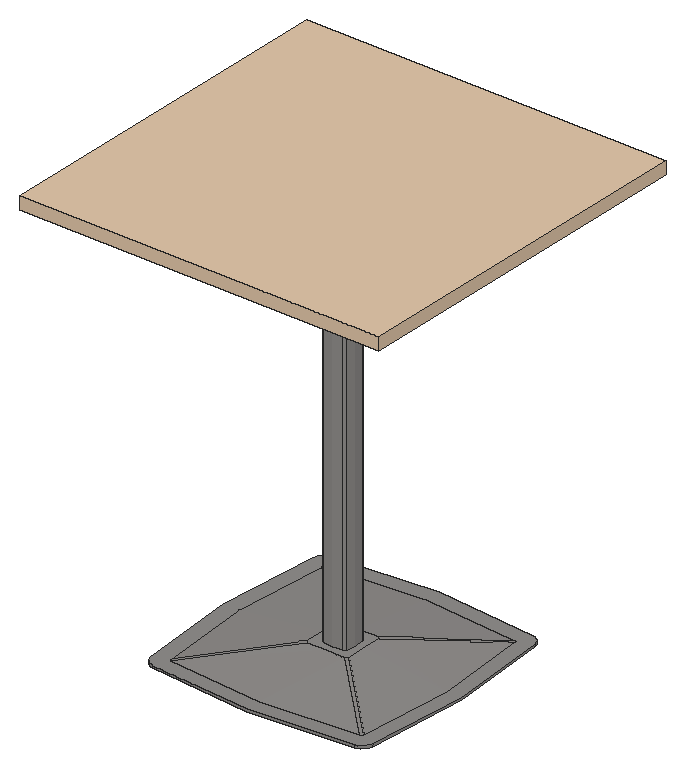
Revit family "FU_Table_Sandler_512A-AX", category Furniture, Revit 2020
Family settings
  OmniClass Number = 23.40.20.00
  OmniClass Title = General Furniture and Specialties
  Work Plane-Based = No
  Always vertical = Yes
  Cut with Voids When Loaded = No
  Shared = No
  Room Calculation Point = No
Parameters (values of type "512A AX - 36" Square Top (90cm)")
  Width = 600 mm
  URL = "https://www.sandlerseating.com/product/512a-ax/"
  Top Size = FU_TableTops_MT Sqr : 36" Square (90cm)
  Top Elevation = Height  # 1040 mm
  Top Finish [instance] = Wood - Beech - Honey Stained
  Model = "512A AX"
  Manufacturer = "Sandler"
  Height = 1040 mm
  Frame Finish [instance] = Metal - Paint -AL VR - Pewter
  Description = "Table base. Available in powdercoat painted finishes.\r\nOptional upcharge for outdoor version with galvanized-treated frame and adjustable feet. Optional upcharge for outdoor version with galvanized-treated frame and adjustable feet."
  Depth = Width  # 600 mm
  Default Elevation = 0 mm
Types (4, lengths in mm): name | Top Size | Top Finish | Frame Finish | Description
  (no name) | FU_TableTops_MT Sqr : 36" Square (90cm) | Wood - Beech - Honey Stained | Metal - Paint -AL VR - Pewter | "Table base. Available in powdercoat painted finishes.\r\nOptional upcharge for outdoor version with galvanized-treated frame and adjustable feet. Optional upcharge for outdoor version with galvanized-treated frame and adjustable feet."
  512A AX - 40" Round Top (100cm) | FU_TableTops_MT Rnd : 40" Round (100cm) | Wood - Beech - Chestnut Stained | Metal - Paint -AL VR - White Aluminium | "Table base. Available in powdercoat painted finishes. Optional upcharge for outdoor version with galvanized-treated frame and adjustable feet.\r\nOptional upcharge for outdoor version with galvanized-treated frame and adjustable feet."
  512A AX - 36" Round Top (90cm) | FU_TableTops_MT Rnd : 36" Round (90cm) | Wood - Beech - Honey Stained | Metal - Paint -AL VR - Rough Metallic Bronze | "Table base. Available in powdercoat painted finishes. Optional upcharge for outdoor version with galvanized-treated frame and adjustable feet.\r\nOptional upcharge for outdoor version with galvanized-treated frame and adjustable feet."
  512A AX - 36" Square Top (90cm) | FU_TableTops_MT Sqr : 36" Square (90cm) | Wood - Beech - Honey Stained | Metal - Paint -AL VR - Pewter | "Table base. Available in powdercoat painted finishes.\r\nOptional upcharge for outdoor version with galvanized-treated frame and adjustable feet. Optional upcharge for outdoor version with galvanized-treated frame and adjustable feet."
Reference planes
  plane 1 "Center (Front/Back)": y = 0
  plane 2: z = 0
  plane 3 "Center (Left/Right)": x = 0
  plane 4 "Right": x = -300
  plane 5 "Left": x = 300
  plane 6 "Back": y = 300
  plane 7 "Front": y = -300
  plane 8 "Height": z = 1040
  plane 9 "Top Support": z = 1013.5
  plane 10 "Glide Height": z = 3.5
  plane 11 "Base Base": z = 9.5
  plane 12 "Base Top": z = 33.5
  plane 13 "Pads Front": y = -258.367
  plane 14 "Pads Right": x = -258.367
  plane 15 "Pads Back": y = 258.367
  plane 16 "Pads Left": x = 258.367
Forms (mm)
  Revolve 1, solid, material "Rubber, Black"
    sketch origin (26.426, 258.367, 0) x (1, 0, 0) y (0, 0, 1)
      loop
        line (-284.687, 0) -> (-284.687, 3.5) -> (-292.687, 3.5) -> (-292.687, 2)
        arc (-292.687, 2) -> (-292.101, 0.586) -> (-290.687, 0) r 2
        line (-290.687, 0) -> (-284.687, 0)
      axis (-284.687, 3.5) -> (-284.687, 0)
    angle from 0 to 360
  Revolve 2, solid, material "Rubber, Black"
    sketch origin (-25.633, -258.367, 0) x (1, 0, 0) y (0, 0, 1)
      loop
        line (284, 0) -> (290, 0)
        arc (290, 0) -> (291.414, 0.586) -> (292, 2) r 2
        line (292, 2) -> (292, 3.5) -> (284, 3.5) -> (284, 0)
      axis (284, 3.5) -> (284, 0)
    angle from 0 to 360
  Revolve 3, solid, material "Rubber, Black"
    sketch origin (-258.367, 25.633, 0) x (0, 1, 0) y (0, 0, 1)
      loop
        line (-284, 3.5) -> (-292, 3.5) -> (-292, 2)
        arc (-292, 2) -> (-291.414, 0.586) -> (-290, 0) r 2
        line (-290, 0) -> (-284, 0) -> (-284, 3.5)
      axis (-284, 3.5) -> (-284, 0)
    angle from 0 to 360
  Revolve 4, solid, material "Rubber, Black"
    sketch origin (258.367, -25.508, 0) x (0, 1, 0) y (0, 0, 1)
      loop
        line (284, 3.5) -> (284, 0) -> (290, 0)
        arc (290, 0) -> (291.414, 0.586) -> (292, 2) r 2
        line (292, 2) -> (292, 3.5) -> (284, 3.5)
      axis (284, 3.5) -> (284, 0)
    angle from 0 to 360
  Extrusion 5, solid, material "Metal - Paint -AL VR - Pewter" <- "Frame Finish"
    sketch origin (0, 0, 3.5) x (-1, 0, 0) y (0, -1, 0)
      loop
        arc (30.081, -24.212) -> (32.517, 0.002) -> (30.081, 24.216) r 121.548
        arc (30.081, 24.216) -> (28.031, 28.034) -> (24.211, 30.081) r 7.503
        arc (24.211, 30.081) -> (-0.002, 32.5) -> (-24.216, 30.081) r 122.405
        arc (-24.216, 30.081) -> (-28.031, 28.031) -> (-30.081, 24.216) r 7.513
        arc (-30.081, 24.216) -> (-32.517, 0.002) -> (-30.081, -24.212) r 121.548
        arc (-30.081, -24.212) -> (-28.035, -28.032) -> (-24.216, -30.081) r 7.495
        arc (-24.216, -30.081) -> (-0.002, -32.5) -> (24.211, -30.081) r 122.405
        arc (24.211, -30.081) -> (28.03, -28.03) -> (30.081, -24.212) r 7.518
    from 0 to 1010
  Extrusion 6, solid, material "Metal - Paint -AL VR - Pewter" <- "Frame Finish"
    sketch origin (0, 0, 1040) x (-1, 0, 0) y (0, -1, 0)
      loop
        line (184, -179) -> (184, 179)
        arc (184, 179) -> (182.536, 182.536) -> (179, 184) r 5
        line (179, 184) -> (-179, 184)
        arc (-179, 184) -> (-182.536, 182.536) -> (-184, 179) r 5
        line (-184, 179) -> (-184, -179)
        arc (-184, -179) -> (-182.536, -182.536) -> (-179, -184) r 5
        line (-179, -184) -> (179, -184)
        arc (179, -184) -> (182.536, -182.536) -> (184, -179) r 5
    from 0 to -5
  Blend 7, solid, material "Metal - Paint -AL VR - Pewter" <- "Frame Finish"
    base sketch origin (0, 0, 1013.5) x (-1, 0, 0) y (0, -1, 0)
      loop
        arc (140.731, 130.019) -> (137.802, 137.09) -> (130.731, 140.019) r 10
        line (130.731, 140.019) -> (-129.269, 140.019)
        arc (-129.269, 140.019) -> (-136.34, 137.09) -> (-139.269, 130.019) r 10
        line (-139.269, 130.019) -> (-139.269, -129.981)
        arc (-139.269, -129.981) -> (-136.34, -137.052) -> (-129.269, -139.981) r 10
        line (-129.269, -139.981) -> (130.731, -139.981)
        arc (130.731, -139.981) -> (137.802, -137.052) -> (140.731, -129.981) r 10
        line (140.731, -129.981) -> (140.731, 130.019)
    top sketch origin (0, 0, 1013.5) x (-1, 0, 0) y (0, -1, 0)
      loop
        line (52, -45.5) -> (52, 45.524)
        arc (52, 45.524) -> (50.103, 50.103) -> (45.524, 52) r 6.476
        line (45.524, 52) -> (-45.5, 52)
        arc (-45.5, 52) -> (-50.096, 50.096) -> (-52, 45.5) r 6.5
        line (-52, 45.5) -> (-52, -45.5)
        arc (-52, -45.5) -> (-50.096, -50.096) -> (-45.5, -52) r 6.5
        line (-45.5, -52) -> (45.5, -52)
        arc (45.5, -52) -> (50.096, -50.096) -> (52, -45.5) r 6.5
    from 23.003 to 0
  Extrusion 8, void
    sketch origin (0, 0, 1040) x (-1, 0, 0) y (0, -1, 0)
      loop
        circle (152.698, -152.698) r 3.599
      loop
        circle (-152.698, -152.698) r 3.599
      loop
        circle (152.699, 152.699) r 3.599
      loop
        circle (-152.717, 152.717) r 3.599
      loop
        circle (22.627, -22.627) r 3.5
      loop
        circle (-22.627, -22.627) r 3.5
      loop
        circle (22.627, 22.627) r 3.5
      loop
        circle (-22.627, 22.627) r 3.5
      loop
        circle (0, 21) r 2.5
      loop
        circle (0, 0) r 6.5
    from -26.5 to 0
  Extrusion 9, solid, material "Metal - Paint -AL VR - Pewter" <- "Frame Finish"
    sketch origin (0, 0, 3.5) x (-1, 0, 0) y (0, -1, 0)
      loop
        arc (254.009, -278.554) -> (270.192, -270.192) -> (278.554, -254.009) r 30
        arc (278.554, -254.009) -> (300, 0) -> (278.554, 254.009) r 1514.978
        arc (278.554, 254.009) -> (270.192, 270.192) -> (254.009, 278.554) r 30
        arc (254.009, 278.554) -> (0, 300) -> (-254.009, 278.554) r 1514.978
        arc (-254.009, 278.554) -> (-270.192, 270.192) -> (-278.554, 254.009) r 30
        arc (-278.554, 254.009) -> (-300, 0) -> (-278.554, -254.009) r 1514.978
        arc (-278.554, -254.009) -> (-270.192, -270.192) -> (-254.009, -278.554) r 30
        arc (-254.009, -278.554) -> (0, -300) -> (254.009, -278.554) r 1514.978
    from 0 to 6
  Blend 10, solid, material "Metal - Paint -AL VR - Pewter" <- "Frame Finish"
    base sketch origin (0, 0, 9.5) x (-1, 0, 0) y (0, -1, 0)
      loop
        arc (237.616, -242.121) -> (240.594, -240.594) -> (242.121, -237.616) r 5.457
        arc (242.121, -237.616) -> (261.424, 0) -> (242.121, 237.616) r 1472.152
        arc (242.121, 237.616) -> (240.594, 240.594) -> (237.616, 242.121) r 5.457
        arc (237.616, 242.121) -> (0, 261.424) -> (-237.616, 242.121) r 1472.152
        arc (-237.616, 242.121) -> (-240.594, 240.594) -> (-242.121, 237.616) r 5.457
        arc (-242.121, 237.616) -> (-261.424, 0) -> (-242.121, -237.616) r 1472.152
        arc (-242.121, -237.616) -> (-240.594, -240.594) -> (-237.616, -242.121) r 5.457
        arc (-237.616, -242.121) -> (0, -261.424) -> (237.616, -242.121) r 1472.152
    top sketch origin (0, 0, 9.5) x (-1, 0, 0) y (0, -1, 0)
      loop
        arc (47.484, -52.517) -> (51.02, -51.052) -> (52.484, -47.517) r 5
        line (52.484, -47.517) -> (52.484, 47.483)
        arc (52.484, 47.483) -> (51.02, 51.019) -> (47.484, 52.483) r 5
        line (47.484, 52.483) -> (-47.516, 52.483)
        arc (-47.516, 52.483) -> (-51.051, 51.019) -> (-52.516, 47.483) r 5
        line (-52.516, 47.483) -> (-52.516, -47.517)
        arc (-52.516, -47.517) -> (-51.051, -51.052) -> (-47.516, -52.517) r 5
        line (-47.516, -52.517) -> (47.484, -52.517)
    from 0 to 24
Cuts and joins
  Extrusion 8 cuts Extrusion 6
  Extrusion 8 cuts Blend 7
Dimensions and locks
  equal spacing: plane 4 "Right", plane 3 "Center (Left/Right)", plane 5 "Left"
  "Width": plane 4 "Right" to plane 5 "Left"
  equal spacing: plane 6 "Back", plane 1 "Center (Front/Back)", plane 7 "Front"
  "Depth": plane 6 "Back" to plane 7 "Front"
  "Height": plane 8 "Height" to level
  locked: plane 8 "Height" to plane 9 "Top Support" at 26.5
  locked: plane 13 "Pads Front" to plane 7 "Front" at 41.633
  locked: plane 4 "Right" to plane 14 "Pads Right" at 41.633
  locked: plane 6 "Back" to plane 15 "Pads Back" at 41.633
  locked: plane 16 "Pads Left" to plane 5 "Left" at 41.633
  aligned and locked: level to plane 2
  aligned and locked: Extrusion 5 to plane 10 "Glide Height"
  aligned and locked: plane 9 "Top Support" to Extrusion 5
  aligned and locked: Blend 7 to plane 9 "Top Support"
  aligned and locked: plane 9 "Top Support" to Blend 7  (x4)
  aligned and locked: Extrusion 8 to plane 9 "Top Support"
  aligned and locked: plane 8 "Height" to Extrusion 8
Automatic sketch dimensions
  plane 1 "Center (Front/Back)" to Extrusion 5 sketch curve = 0.002 mm  (x2)
  plane 3 "Center (Left/Right)" to Extrusion 5 sketch curve = 89.031 mm
  plane 3 "Center (Left/Right)" to Extrusion 5 sketch curve = 22.733 mm
  plane 3 "Center (Left/Right)" to Extrusion 5 sketch curve = 22.719 mm
  plane 3 "Center (Left/Right)" to Extrusion 5 sketch curve = 0.002 mm  (x2)
  Extrusion 5 sketch curve to plane 3 "Center (Left/Right)" = 22.714 mm
  Extrusion 5 sketch curve to plane 3 "Center (Left/Right)" = 22.727 mm
  Extrusion 5 sketch curve to plane 1 "Center (Front/Back)" = 22.714 mm
  Extrusion 5 sketch curve to plane 1 "Center (Front/Back)" = 22.734 mm
  plane 1 "Center (Front/Back)" to Extrusion 5 sketch curve = 22.719 mm
  plane 1 "Center (Front/Back)" to Extrusion 5 sketch curve = 22.726 mm
  Extrusion 5 sketch curve to Extrusion 5 sketch curve = 67.179 mm
  Extrusion 5 sketch curve to Extrusion 5 sketch curve = 7.362 mm
  Extrusion 5 sketch curve to Extrusion 5 sketch curve = 0 mm  (x4)
  Extrusion 5 sketch curve to Extrusion 5 sketch curve = 7.348 mm
  Extrusion 5 sketch curve to Extrusion 5 sketch curve = 1.497 mm
  Extrusion 5 sketch curve to Extrusion 5 sketch curve = 1.484 mm
  Extrusion 5 sketch curve to Extrusion 5 sketch curve = 1.498 mm
  Extrusion 5 sketch curve to Extrusion 5 sketch curve = 7.354 mm
  plane 3 "Center (Left/Right)" to Blend 7 sketch curve = 52 mm
  Blend 7 sketch curve to Blend 7 sketch curve = 6.5 mm  (x2)
  Blend 7 sketch curve to plane 3 "Center (Left/Right)" = 45.5 mm
  Blend 7 sketch curve to plane 3 "Center (Left/Right)" = 45.524 mm
  Blend 7 sketch curve to Blend 7 sketch curve = 6.476 mm
  Blend 7 sketch curve to plane 1 "Center (Front/Back)" = 52 mm
  plane 1 "Center (Front/Back)" to Blend 7 sketch curve = 45.5 mm
  Extrusion 8 sketch curve to plane 3 "Center (Left/Right)" = 0 mm  (x2)
  plane 1 "Center (Front/Back)" to Extrusion 8 sketch curve = 0 mm
  plane 3 "Center (Left/Right)" to Extrusion 8 sketch curve = 22.627 mm  (x2)
  Extrusion 8 sketch curve to plane 3 "Center (Left/Right)" = 22.627 mm  (x2)
  Extrusion 8 sketch curve to plane 1 "Center (Front/Back)" = 22.627 mm  (x2)
  plane 1 "Center (Front/Back)" to Extrusion 8 sketch curve = 21 mm
  plane 1 "Center (Front/Back)" to Extrusion 8 sketch curve = 22.627 mm  (x2)
  plane 7 "Front" to Extrusion 8 sketch curve = 147.301 mm
  plane 7 "Front" to Extrusion 8 sketch curve = 147.283 mm
  Extrusion 8 sketch curve to plane 4 "Right" = 147.302 mm
  Extrusion 8 sketch curve to plane 4 "Right" = 147.301 mm
  plane 5 "Left" to Extrusion 8 sketch curve = 147.283 mm
  plane 5 "Left" to Extrusion 8 sketch curve = 147.302 mm
  Extrusion 8 sketch curve to plane 6 "Back" = 147.302 mm  (x2)
  Revolve 1 sketch curve to plane 10 "Glide Height" = 0 mm
  Revolve 1 sketch curve to level = 0 mm
  plane 10 "Glide Height" to Revolve 1 sketch curve = 1.5 mm
  plane 4 "Right" to Revolve 1 sketch curve = 33.739 mm
  Revolve 1 sketch curve to Revolve 1 sketch curve = 6 mm
  Revolve 1 sketch curve to Revolve 1 sketch curve = 0 mm
  level to Revolve 1 sketch curve = 10.049 mm
  plane 11 "Base Base" to Revolve 1 sketch curve = 2.095 mm
  Revolve 4 sketch curve to plane 10 "Glide Height" = 0 mm
  Revolve 4 sketch curve to level = 0 mm
  plane 6 "Back" to Revolve 4 sketch curve = 41.508 mm
  plane 10 "Glide Height" to Revolve 4 sketch curve = 1.5 mm
  Revolve 4 sketch curve to Revolve 4 sketch curve = 6 mm
  plane 11 "Base Base" to Revolve 4 sketch curve = 1.201 mm
  Revolve 4 sketch curve to Revolve 4 sketch curve = 0 mm
  level to Revolve 4 sketch curve = 5.787 mm
  Revolve 3 sketch curve to plane 10 "Glide Height" = 0 mm
  Revolve 3 sketch curve to level = 0 mm
  plane 7 "Front" to Revolve 3 sketch curve = 33.633 mm
  Revolve 3 sketch curve to Revolve 3 sketch curve = 2 mm
  Revolve 3 sketch curve to Revolve 3 sketch curve = 6 mm
  Revolve 3 sketch curve to plane 11 "Base Base" = 1.201 mm
  Revolve 3 sketch curve to Revolve 3 sketch curve = 0 mm
  Revolve 3 sketch curve to level = 5.787 mm
  Revolve 2 sketch curve to level = 0 mm
  Revolve 2 sketch curve to plane 10 "Glide Height" = 0 mm
  plane 5 "Left" to Revolve 2 sketch curve = 41.633 mm
  Revolve 2 sketch curve to plane 10 "Glide Height" = 1.5 mm
  Revolve 2 sketch curve to Revolve 2 sketch curve = 6 mm
  Revolve 2 sketch curve to Revolve 2 sketch curve = 0 mm
  Revolve 2 sketch curve to level = 10.049 mm
  Revolve 2 sketch curve to plane 11 "Base Base" = 2.095 mm
  plane 1 "Center (Front/Back)" to Extrusion 9 sketch curve = 0 mm  (x2)
  Extrusion 9 sketch curve to plane 3 "Center (Left/Right)" = 0 mm  (x2)
  plane 16 "Pads Left" to Extrusion 9 sketch curve = 9.388 mm  (x2)
  Extrusion 9 sketch curve to plane 5 "Left" = 914.978 mm
  plane 14 "Pads Right" to Extrusion 9 sketch curve = 9.388 mm  (x2)
  plane 4 "Right" to Extrusion 9 sketch curve = 914.978 mm
  Extrusion 9 sketch curve to plane 15 "Pads Back" = 9.388 mm  (x2)
  plane 6 "Back" to Extrusion 9 sketch curve = 914.978 mm
  Extrusion 9 sketch curve to plane 13 "Pads Front" = 9.388 mm  (x2)
  Extrusion 9 sketch curve to plane 7 "Front" = 914.978 mm
  plane 16 "Pads Left" to Extrusion 9 sketch curve = 4.358 mm  (x2)
  Extrusion 9 sketch curve to Extrusion 9 sketch curve = 0 mm  (x6)
  plane 1 "Center (Front/Back)" to Blend 10 sketch curve = 0 mm  (x2)
  Blend 10 sketch curve to plane 3 "Center (Left/Right)" = 0 mm  (x2)
  plane 16 "Pads Left" to Blend 10 sketch curve = 21.632 mm  (x2)
  Blend 10 sketch curve to plane 5 "Left" = 910.728 mm
  plane 14 "Pads Right" to Blend 10 sketch curve = 21.632 mm  (x2)
  plane 4 "Right" to Blend 10 sketch curve = 910.728 mm
  Blend 10 sketch curve to plane 15 "Pads Back" = 21.632 mm  (x2)
  plane 6 "Back" to Blend 10 sketch curve = 910.728 mm
  Blend 10 sketch curve to plane 13 "Pads Front" = 21.632 mm  (x2)
  Blend 10 sketch curve to plane 7 "Front" = 910.728 mm
  Blend 10 sketch curve to Blend 10 sketch curve = 0.881 mm  (x2)
  Blend 10 sketch curve to Blend 10 sketch curve = 0 mm  (x6)
  plane 3 "Center (Left/Right)" to Blend 10 sketch curve = 52.516 mm
  Blend 10 sketch curve to Blend 10 sketch curve = 5 mm  (x3)
  Blend 10 sketch curve to plane 3 "Center (Left/Right)" = 47.484 mm  (x2)
  Blend 10 sketch curve to plane 1 "Center (Front/Back)" = 52.517 mm
  plane 1 "Center (Front/Back)" to Blend 10 sketch curve = 47.483 mm
  plane 16 "Pads Left" to Extrusion 6 sketch curve = 74.367 mm
  Extrusion 6 sketch curve to Extrusion 6 sketch curve = 5 mm  (x3)
  plane 14 "Pads Right" to Extrusion 6 sketch curve = 79.367 mm  (x2)
  Extrusion 6 sketch curve to plane 15 "Pads Back" = 74.367 mm
  Extrusion 6 sketch curve to plane 13 "Pads Front" = 79.367 mm
  plane 16 "Pads Left" to Blend 7 sketch curve = 119.098 mm
  Blend 7 sketch curve to Blend 7 sketch curve = 10 mm  (x3)
  plane 14 "Pads Right" to Blend 7 sketch curve = 127.636 mm  (x2)
  Blend 7 sketch curve to plane 15 "Pads Back" = 118.386 mm
  Blend 7 sketch curve to plane 13 "Pads Front" = 128.348 mm
  radius of Extrusion 8 sketch curve = 3.599 mm  (x4)
  radius of Extrusion 8 sketch curve = 3.5 mm  (x4)
  radius of Extrusion 8 sketch curve = 2.5 mm
  radius of Extrusion 8 sketch curve = 6.5 mm
Nested families
  nested 1: "FU_TableTops_MT Sqr" at (0, 0, 0), Top Elevation <- "Top Elevation", type <- "Top Size", type "36" Square (90cm)"
    with Top Finish Wood - Beech - Chestnut Stained, Top Elevation 1040 mm
Definition of nested family "FU_TableTops_MT Sqr"
  Parameters (values of type "40" Square (100cm)")
    Width = 1000 mm
    Top Finish [instance] = none
    Top Elevation [instance] = 1100 mm
    Depth = 1000 mm
    Default Elevation = 0 mm
  Types (11, lengths in mm): name | Width | Depth
    28x48" Top (70x120cm) | 1200 | 700
    28x52" Top (70x130cm) | 1300 | 700
    32x48" Top (80x120cm) | 1200 | 800
    32x52" Top (80x130cm) | 1300 | 800
    28x55" Top (70x140cm) | 1400 | 700
    32x55" Top (80x140cm) | 1400 | 800
    24" Square (60cm) | 600 | 600
    28" Square (70cm) | 700 | 700
    32" Square (80cm) | 800 | 800
    36" Square (90cm) | 900 | 900
    40" Square (100cm) | 1000 | 1000
  Reference planes
    plane 1 "Center (Front/Back)": y = 0
    plane 2: z = 0
    plane 3 "Center (Left/Right)": x = 0
    plane 4 "Right": x = -500
    plane 5 "Left": x = 500
    plane 6 "Back": y = 500
    plane 7 "Front": y = -500
    plane 8 "Elevation": z = 1100
    plane 9 "Top Height": z = 1131.75
  Forms (mm)
    Extrusion 1, solid, material <- "Top Finish"
      sketch origin (0, 0, 1100) x (-1, 0, 0) y (0, -1, 0)
        loop
          line (500, -500) -> (500, 500) -> (-500, 500) -> (-500, -500) -> (500, -500)
      from 0 to 31.75
  Dimensions and locks
    equal spacing: plane 4 "Right", plane 3 "Center (Left/Right)", plane 5 "Left"
    "Width": plane 4 "Right" to plane 5 "Left"
    equal spacing: plane 6 "Back", plane 1 "Center (Front/Back)", plane 7 "Front"
    "Depth": plane 6 "Back" to plane 7 "Front"
    "Top Elevation": plane 8 "Elevation" to level
    locked: plane 9 "Top Height" to plane 8 "Elevation" at 31.75
    aligned and locked: level to plane 2
    aligned and locked: Extrusion 1 sketch curve to plane 6 "Back"
    aligned and locked: Extrusion 1 sketch curve to plane 4 "Right"
    aligned and locked: plane 7 "Front" to Extrusion 1 sketch curve
    aligned and locked: plane 5 "Left" to Extrusion 1 sketch curve
    aligned and locked: Extrusion 1 to plane 8 "Elevation"
    aligned and locked: plane 8 "Elevation" to Extrusion 1  (x2)
    aligned and locked: plane 9 "Top Height" to Extrusion 1
    aligned and locked: Extrusion 1 to plane 9 "Top Height"
